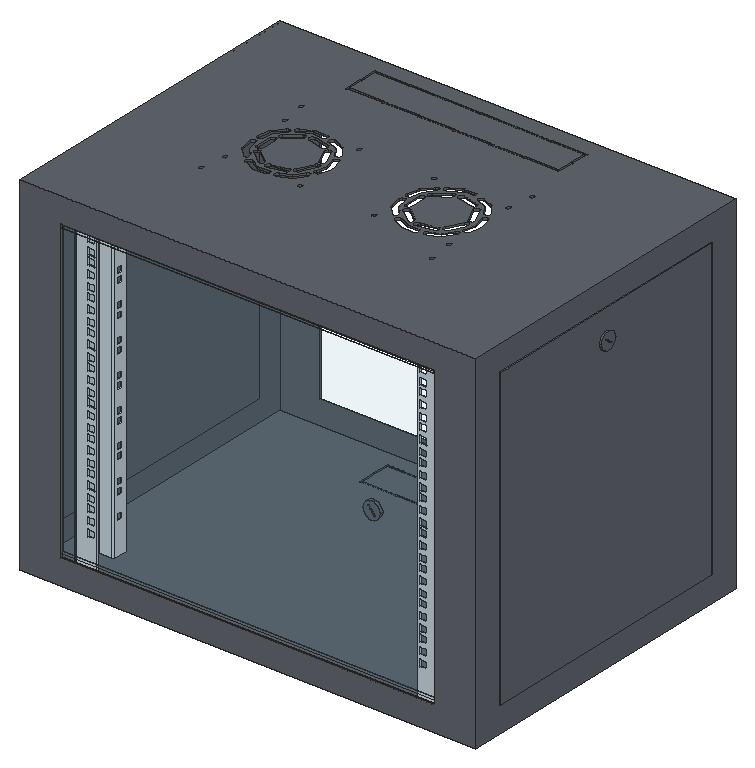
Revit family "Legrand Linkeo coffrets pivotants avec panneaux latéraux amovibles", category Equipement spécialisé, Revit 2020 (continued)
Dimensions and locks
  plane 61 "Panneaux droit" to plane 60 "Panneaux gauche" = 371.00 mm
  plane 63 to plane 5 = 77.00 mm
  locked: plane 5 to plane 64 at 77
  equal spacing: plane 60 "Panneaux gauche", plane 65, plane 61 "Panneaux droit"
  equal spacing: plane 60 "Panneaux gauche", plane 66, plane 61 "Panneaux droit"
  locked: plane 1 "Centre (avant/arrière)" to plane 67 at 225
  aligned and locked: level to plane 2
  aligned and locked: Extrusion 1 sketch curve to level
  aligned and locked: plane 6 to Extrusion 1 sketch curve
  aligned and locked: plane 5 to Extrusion 1 sketch curve
  aligned and locked: Extrusion 1 sketch curve to plane 1 "Centre (avant/arrière)"
  aligned and locked: Extrusion 1 to plane 4
  aligned and locked: Extrusion 1 to plane 3 "Centre (gauche/droite)"
  aligned and locked: cut or joined group 1 (Extrusion 1, Extrusion 2, Extrusion 3, Extrusion 5, Extrusion 6, Extrusion 7, Extrusion 36, Extrusion 52) to plane 13
  aligned and locked: Extrusion 3 sketch curve to plane 10
  aligned and locked: Extrusion 3 sketch curve to plane 7
  aligned and locked: plane 11 to Extrusion 3 sketch curve
  aligned and locked: plane 8 to Extrusion 3 sketch curve
  aligned and locked: Extrusion 1 to Extrusion 3
  aligned and locked: Extrusion 3 to plane 1 "Centre (avant/arrière)"
  aligned and locked: plane 7 to Extrusion 4 sketch curve
  aligned and locked: Extrusion 4 sketch curve to plane 8
  aligned and locked: plane 5 to Extrusion 6
  aligned and locked: Extrusion 6 to Extrusion 2
  aligned and locked: Extrusion 7 to level
  aligned and locked: plane 25 to plane 9
  aligned and locked: plane 20 to plane 12
  aligned and locked: plane 27 to Extrusion 8 sketch curve
  aligned and locked: Extrusion 8 sketch curve to plane 26
  aligned and locked: Extrusion 8 sketch curve to plane 30
  aligned and locked: Extrusion 8 sketch curve to plane 32
  aligned and locked: Extrusion 8 sketch curve to plane 34
  aligned and locked: Extrusion 8 sketch curve to plane 35
  aligned and locked: plane 33 to Extrusion 8 sketch curve
  aligned and locked: plane 31 to Extrusion 8 sketch curve
  aligned and locked: Extrusion 8 sketch curve to plane 29
  aligned and locked: plane 28 to Extrusion 8 sketch curve
  aligned and locked: cut or joined group 1 to Extrusion 8
  aligned and locked: Extrusion 8 to Extrusion 9
  aligned and locked: plane 28 to Extrusion 10
  aligned and locked: plane 46 to Extrusion 11 sketch curve
  aligned and locked: plane 49 to Extrusion 11 sketch curve
  aligned and locked: Extrusion 11 sketch curve to plane 51
  aligned and locked: Extrusion 11 sketch curve to plane 52
  aligned and locked: plane 50 to Extrusion 11 sketch curve
  aligned and locked: Extrusion 11 sketch curve to plane 48
  aligned and locked: Extrusion 11 sketch curve to plane 47
  aligned and locked: cut or joined group 1 to Extrusion 11
  aligned and locked: Extrusion 36 to plane 34
  aligned and locked: Extrusion 36 to plane 40
  aligned and locked: plane 41 to Extrusion 36
  aligned and locked: Extrusion 36 to plane 42
  aligned and locked: plane 43 to Extrusion 36
  aligned and locked: cut or joined group 2 (Extrusion 11, Extrusion 12, Extrusion 13, Extrusion 18, Extrusion 19, Extrusion 22, Extrusion 23, Extrusion 26, Extrusion 27, Extrusion 30, Extrusion 31, Extrusion 34, Extrusion 35, Extrusion 36, Extrusion 37, Extrusion 38, Extrusion 39, Extrusion 40, Extrusion 41, Extrusion 42, Extrusion 43, Extrusion 44, Extrusion 45, Extrusion 46, Extrusion 47, Extrusion 66, Extrusion 67, Extrusion 70, Extrusion 71, Extrusion 74, Extrusion 75, Extrusion 76, Extrusion 77, Extrusion 78, Extrusion 79, Extrusion 80, Extrusion 81) to Extrusion 37
  aligned and locked: cut or joined group 2 to Extrusion 36
  aligned and locked: Extrusion 48 to plane 55
  aligned and locked: plane 55 to plane 20
  aligned and locked: plane 56 to Extrusion 4
  aligned and locked: plane 6 to plane 56
  aligned and locked: plane 58 to Extrusion 52 sketch curve
  aligned and locked: Extrusion 52 sketch curve to plane 26
  aligned and locked: Extrusion 52 sketch curve to plane 54
  aligned and locked: plane 57 to Extrusion 52 sketch curve
  aligned and locked: Extrusion 52 to plane 4
  aligned and locked: plane 58 to Extrusion 53 sketch curve
  aligned and locked: Extrusion 53 sketch curve to plane 60 "Panneaux gauche"
  aligned and locked: Extrusion 53 sketch curve to plane 62 "Panneaux haut"
  aligned and locked: plane 61 "Panneaux droit" to Extrusion 53 sketch curve
  aligned and locked: plane 61 "Panneaux droit" to Extrusion 54
  aligned and locked: Extrusion 54 to plane 62 "Panneaux haut"
  aligned and locked: Extrusion 54 to plane 60 "Panneaux gauche"
  aligned and locked: cut or joined group 1 to Extrusion 54
  aligned and locked: plane 63 to curve 3
  aligned and locked: plane 4 to Extrusion 59
  aligned and locked: plane 64 to curve 4
  aligned and locked: plane 65 to curve 6
  aligned and locked: plane 66 to curve 3
  aligned and locked: plane 67 to curve 10
  aligned and locked: plane 5 to Extrusion 5
  aligned and locked: Extrusion 5 to Extrusion 2
Automatic sketch dimensions
  Extrusion 9 sketch curve to Extrusion 9 sketch curve = 0.00 mm
  Extrusion 9 sketch curve to Extrusion 9 sketch curve = 9.50 mm  (x4)
  Extrusion 9 sketch curve to Extrusion 9 sketch curve = 22.25 mm
  Extrusion 10 sketch curve to Extrusion 10 sketch curve = 9.50 mm  (x2)
  Extrusion 12 sketch curve to Extrusion 12 sketch curve = 0.00 mm
  Extrusion 12 sketch curve to Extrusion 12 sketch curve = 9.50 mm  (x4)
  Extrusion 12 sketch curve to Extrusion 12 sketch curve = 22.25 mm
  Extrusion 13 sketch curve to Extrusion 13 sketch curve = 9.50 mm  (x2)
  Extrusion 14 sketch curve to Extrusion 14 sketch curve = 0.00 mm
  Extrusion 14 sketch curve to Extrusion 14 sketch curve = 9.50 mm  (x4)
  Extrusion 14 sketch curve to Extrusion 14 sketch curve = 22.25 mm
  Extrusion 15 sketch curve to Extrusion 15 sketch curve = 9.50 mm  (x2)
  Extrusion 16 sketch curve to Extrusion 16 sketch curve = 0.00 mm
  Extrusion 16 sketch curve to Extrusion 16 sketch curve = 9.50 mm  (x4)
  Extrusion 16 sketch curve to Extrusion 16 sketch curve = 22.25 mm
  Extrusion 17 sketch curve to Extrusion 17 sketch curve = 9.50 mm  (x2)
  Extrusion 18 sketch curve to Extrusion 18 sketch curve = 0.00 mm
  Extrusion 18 sketch curve to Extrusion 18 sketch curve = 9.50 mm  (x4)
  Extrusion 18 sketch curve to Extrusion 18 sketch curve = 22.25 mm
  Extrusion 19 sketch curve to Extrusion 19 sketch curve = 9.50 mm  (x2)
  Extrusion 20 sketch curve to Extrusion 20 sketch curve = 0.00 mm
  Extrusion 20 sketch curve to Extrusion 20 sketch curve = 9.50 mm  (x4)
  Extrusion 20 sketch curve to Extrusion 20 sketch curve = 22.25 mm
  Extrusion 21 sketch curve to Extrusion 21 sketch curve = 9.50 mm  (x2)
  Extrusion 22 sketch curve to Extrusion 22 sketch curve = 0.00 mm
  Extrusion 22 sketch curve to Extrusion 22 sketch curve = 9.50 mm  (x4)
  Extrusion 22 sketch curve to Extrusion 22 sketch curve = 22.25 mm
  Extrusion 23 sketch curve to Extrusion 23 sketch curve = 9.50 mm  (x2)
  Extrusion 24 sketch curve to Extrusion 24 sketch curve = 0.00 mm
  Extrusion 24 sketch curve to Extrusion 24 sketch curve = 9.50 mm  (x4)
  Extrusion 24 sketch curve to Extrusion 24 sketch curve = 22.25 mm
  Extrusion 25 sketch curve to Extrusion 25 sketch curve = 9.50 mm  (x2)
  Extrusion 26 sketch curve to Extrusion 26 sketch curve = 0.00 mm
  Extrusion 26 sketch curve to Extrusion 26 sketch curve = 9.50 mm  (x4)
  Extrusion 26 sketch curve to Extrusion 26 sketch curve = 22.25 mm
  Extrusion 27 sketch curve to Extrusion 27 sketch curve = 9.50 mm  (x2)
  Extrusion 28 sketch curve to Extrusion 28 sketch curve = 0.00 mm
  Extrusion 28 sketch curve to Extrusion 28 sketch curve = 9.50 mm  (x4)
  Extrusion 28 sketch curve to Extrusion 28 sketch curve = 22.25 mm
  Extrusion 29 sketch curve to Extrusion 29 sketch curve = 9.50 mm  (x2)
  Extrusion 30 sketch curve to Extrusion 30 sketch curve = 0.00 mm
  Extrusion 30 sketch curve to Extrusion 30 sketch curve = 9.50 mm  (x4)
  Extrusion 30 sketch curve to Extrusion 30 sketch curve = 22.25 mm
  Extrusion 31 sketch curve to Extrusion 31 sketch curve = 9.50 mm  (x2)
  Extrusion 32 sketch curve to Extrusion 32 sketch curve = 0.00 mm
  Extrusion 32 sketch curve to Extrusion 32 sketch curve = 9.50 mm  (x4)
  Extrusion 32 sketch curve to Extrusion 32 sketch curve = 22.25 mm
  Extrusion 33 sketch curve to Extrusion 33 sketch curve = 9.50 mm  (x2)
  Extrusion 34 sketch curve to Extrusion 34 sketch curve = 0.00 mm
  Extrusion 34 sketch curve to Extrusion 34 sketch curve = 9.50 mm  (x4)
  Extrusion 34 sketch curve to Extrusion 34 sketch curve = 22.25 mm
  Extrusion 35 sketch curve to Extrusion 35 sketch curve = 9.50 mm  (x2)
  Extrusion 36 sketch curve to Extrusion 36 sketch curve = 9.50 mm  (x2)
  Extrusion 37 sketch curve to Extrusion 37 sketch curve = 9.50 mm  (x2)
  Extrusion 38 sketch curve to Extrusion 38 sketch curve = 9.50 mm  (x2)
  Extrusion 39 sketch curve to Extrusion 39 sketch curve = 9.50 mm  (x2)
  Extrusion 40 sketch curve to Extrusion 40 sketch curve = 9.50 mm  (x2)
  Extrusion 41 sketch curve to Extrusion 41 sketch curve = 9.50 mm  (x2)
  Extrusion 42 sketch curve to Extrusion 42 sketch curve = 9.50 mm  (x2)
  Extrusion 43 sketch curve to Extrusion 43 sketch curve = 9.50 mm  (x2)
  Extrusion 44 sketch curve to Extrusion 44 sketch curve = 9.50 mm  (x2)
  Extrusion 45 sketch curve to Extrusion 45 sketch curve = 9.50 mm  (x2)
  Extrusion 46 sketch curve to Extrusion 46 sketch curve = 9.50 mm  (x2)
  Extrusion 47 sketch curve to Extrusion 47 sketch curve = 9.50 mm  (x2)
  Extrusion 49 sketch curve to Extrusion 49 sketch curve = 1.933 mm  (x2)
  Extrusion 49 sketch curve to Extrusion 49 sketch curve = 10.607 mm
  Extrusion 51 sketch curve to Extrusion 51 sketch curve = 1.933 mm  (x2)
  Extrusion 51 sketch curve to Extrusion 51 sketch curve = 10.607 mm
  curve 1 to plane 12 = 0.00 mm
  plane 23 to curve 1 = 12.00 mm
  curve 1 to plane 23 = 12.00 mm
  Extrusion 56 sketch curve to Extrusion 56 sketch curve = 1.933 mm  (x2)
  Extrusion 56 sketch curve to Extrusion 56 sketch curve = 10.607 mm
  curve 2 to curve 2 = 12.00 mm
  Extrusion 58 sketch curve to Extrusion 58 sketch curve = 1.933 mm  (x2)
  Extrusion 58 sketch curve to Extrusion 58 sketch curve = 10.607 mm
  curve 3 to curve 3 = 12.00 mm
  Extrusion 60 sketch curve to Extrusion 60 sketch curve = 1.933 mm  (x2)
  Extrusion 60 sketch curve to Extrusion 60 sketch curve = 10.607 mm
  curve 4 to curve 4 = 12.00 mm
  Extrusion 1 to Extrusion 6 sketch curve = 24.00 mm  (x3)
  Extrusion 1 to Extrusion 6 sketch curve = 152.50 mm
  Extrusion 6 sketch curve to Extrusion 6 sketch curve = 0.00 mm  (x17)
  Extrusion 6 sketch curve to Extrusion 6 sketch curve = 3.00 mm  (x11)
  Extrusion 6 sketch curve to Extrusion 6 sketch curve = 46.25 mm  (x3)
  Extrusion 6 sketch curve to Extrusion 6 sketch curve = 1.50 mm  (x12)
  Extrusion 6 sketch curve to Extrusion 6 sketch curve = 48.50 mm  (x4)
  Extrusion 1 to Extrusion 6 sketch curve = 27.00 mm
  Extrusion 6 sketch curve to Extrusion 6 sketch curve = 21.25 mm  (x2)
  Extrusion 6 sketch curve to Extrusion 6 sketch curve = 44.00 mm  (x2)
  plane 57 to Extrusion 7 sketch curve = 16.00 mm  (x2)
  plane 24 to Extrusion 7 sketch curve = 50.00 mm
  Extrusion 7 sketch curve to Extrusion 7 sketch curve = 0.00 mm  (x17)
  Extrusion 7 sketch curve to Extrusion 7 sketch curve = 3.00 mm  (x8)
  plane 57 to Extrusion 7 sketch curve = 13.00 mm  (x4)
  Extrusion 7 sketch curve to Extrusion 7 sketch curve = 46.25 mm  (x3)
  Extrusion 7 sketch curve to Extrusion 7 sketch curve = 1.50 mm  (x10)
  Extrusion 7 sketch curve to Extrusion 7 sketch curve = 48.50 mm  (x3)
  Extrusion 7 sketch curve to plane 9 = 0.75 mm  (x2)
  plane 9 to Extrusion 7 sketch curve = 0.75 mm  (x2)
  Extrusion 7 sketch curve to plane 61 "Panneaux droit" = 4.75 mm
  Extrusion 7 sketch curve to plane 61 "Panneaux droit" = 6.25 mm
  Extrusion 7 sketch curve to plane 61 "Panneaux droit" = 27.50 mm  (x2)
  Extrusion 8 sketch curve to Extrusion 8 sketch curve = 0.00 mm  (x6)
  Extrusion 8 sketch curve to Extrusion 8 sketch curve = 1.50 mm  (x3)
  Extrusion 11 sketch curve to Extrusion 11 sketch curve = 0.00 mm  (x6)
  Extrusion 11 sketch curve to Extrusion 11 sketch curve = 1.50 mm  (x2)
  Extrusion 11 sketch curve to Extrusion 11 sketch curve = 30.00 mm
  Extrusion 11 sketch curve to Extrusion 11 sketch curve = 17.50 mm
  Extrusion 54 sketch curve to plane 60 "Panneaux gauche" = 0.00 mm
  plane 62 "Panneaux haut" to Extrusion 54 sketch curve = 0.00 mm
  plane 58 to Extrusion 54 sketch curve = 0.00 mm
  Extrusion 54 sketch curve to plane 61 "Panneaux droit" = 0.00 mm
  Extrusion 62 sketch curve to Extrusion 62 sketch curve = 1.933 mm  (x2)
  Extrusion 62 sketch curve to Extrusion 62 sketch curve = 10.607 mm
  curve 6 to curve 6 = 12.00 mm
  curve 7 to curve 7 = 12.00 mm
  curve 8 to curve 8 = 12.00 mm
  curve 9 to curve 9 = 12.00 mm
  curve 10 to curve 10 = 45.00 mm
  curve 11 to curve 11 = 45.00 mm
  Extrusion 5 sketch curve to Extrusion 5 sketch curve = 0.00 mm  (x120)
  Extrusion 5 sketch curve to Extrusion 5 sketch curve = 0.762 mm
  Extrusion 5 sketch curve to Extrusion 5 sketch curve = 0.023 mm
  Extrusion 5 sketch curve to Extrusion 5 sketch curve = 4.116 mm  (x2)
  Extrusion 5 sketch curve to Extrusion 5 sketch curve = 4.13 mm
  Extrusion 5 sketch curve to Extrusion 5 sketch curve = 5.00 mm
  Extrusion 5 sketch curve to Extrusion 5 sketch curve = 0.108 mm
  Extrusion 5 sketch curve to Extrusion 5 sketch curve = 4.413 mm
  Extrusion 5 sketch curve to Extrusion 5 sketch curve = 4.114 mm
  Extrusion 5 sketch curve to Extrusion 5 sketch curve = 4.40 mm  (x2)
  Extrusion 5 sketch curve to Extrusion 5 sketch curve = 4.094 mm  (x2)
  Extrusion 5 sketch curve to Extrusion 5 sketch curve = 2.16 mm
  Extrusion 5 sketch curve to Extrusion 5 sketch curve = 3.397 mm  (x3)
  Extrusion 5 sketch curve to Extrusion 5 sketch curve = 1.819 mm
  Extrusion 5 sketch curve to Extrusion 5 sketch curve = 6.141 mm  (x2)
  Extrusion 5 sketch curve to Extrusion 5 sketch curve = 6.001 mm
  Extrusion 5 sketch curve to Extrusion 5 sketch curve = 3.835 mm
  Extrusion 5 sketch curve to Extrusion 5 sketch curve = 9.917 mm
  Extrusion 5 sketch curve to Extrusion 5 sketch curve = 3.82 mm  (x3)
  Extrusion 5 sketch curve to Extrusion 5 sketch curve = 1.732 mm
  Extrusion 5 sketch curve to Extrusion 5 sketch curve = 9.679 mm
  Extrusion 5 sketch curve to Extrusion 5 sketch curve = 1.665 mm  (x3)
  Extrusion 5 sketch curve to Extrusion 5 sketch curve = 2.774 mm  (x2)
  Extrusion 5 sketch curve to Extrusion 5 sketch curve = 2.712 mm  (x2)
  Extrusion 5 sketch curve to Extrusion 5 sketch curve = 10.829 mm
  Extrusion 5 sketch curve to Extrusion 5 sketch curve = 1.693 mm
  Extrusion 5 sketch curve to Extrusion 5 sketch curve = 3.832 mm
  Extrusion 5 sketch curve to Extrusion 5 sketch curve = 9.752 mm  (x2)
  Extrusion 5 sketch curve to Extrusion 5 sketch curve = 9.79 mm
  Extrusion 5 sketch curve to Extrusion 5 sketch curve = 0.927 mm  (x2)
  Extrusion 5 sketch curve to Extrusion 5 sketch curve = 0.956 mm
  Extrusion 5 sketch curve to Extrusion 5 sketch curve = 2.537 mm  (x2)
  Extrusion 5 sketch curve to Extrusion 5 sketch curve = 2.679 mm
  Extrusion 5 sketch curve to Extrusion 5 sketch curve = 1.73 mm  (x2)
  Extrusion 5 sketch curve to Extrusion 5 sketch curve = 1.661 mm
  Extrusion 5 sketch curve to Extrusion 5 sketch curve = 11.228 mm  (x2)
  Extrusion 5 sketch curve to Extrusion 5 sketch curve = 12.747 mm
  Extrusion 5 sketch curve to Extrusion 5 sketch curve = 0.068 mm
  Extrusion 5 sketch curve to Extrusion 5 sketch curve = 0.071 mm
  Extrusion 5 sketch curve to Extrusion 5 sketch curve = 0.193 mm  (x2)
  Extrusion 5 sketch curve to Extrusion 5 sketch curve = 6.551 mm  (x2)
  Extrusion 5 sketch curve to Extrusion 5 sketch curve = 0.934 mm  (x2)
  Extrusion 5 sketch curve to Extrusion 5 sketch curve = 7.601 mm
  Extrusion 5 sketch curve to Extrusion 5 sketch curve = 0.929 mm  (x2)
  Extrusion 5 sketch curve to Extrusion 5 sketch curve = 9.29 mm
  Extrusion 5 sketch curve to Extrusion 5 sketch curve = 8.798 mm  (x2)
  Extrusion 5 sketch curve to Extrusion 5 sketch curve = 0.739 mm  (x2)
  Extrusion 5 sketch curve to Extrusion 5 sketch curve = 7.749 mm  (x2)
  Extrusion 5 sketch curve to Extrusion 5 sketch curve = 0.201 mm  (x2)
  Extrusion 5 sketch curve to Extrusion 5 sketch curve = 7.182 mm
  Extrusion 5 sketch curve to Extrusion 5 sketch curve = 2.017 mm
  Extrusion 5 sketch curve to Extrusion 5 sketch curve = 2.659 mm  (x3)
  Extrusion 5 sketch curve to Extrusion 5 sketch curve = 11.278 mm
  Extrusion 5 sketch curve to Extrusion 5 sketch curve = 2.638 mm  (x6)
  Extrusion 5 sketch curve to Extrusion 5 sketch curve = 7.453 mm
  Extrusion 5 sketch curve to Extrusion 5 sketch curve = 7.509 mm  (x2)
  Extrusion 5 sketch curve to Extrusion 5 sketch curve = 1.957 mm  (x2)
  Extrusion 5 sketch curve to Extrusion 5 sketch curve = 2.02 mm  (x3)
  Extrusion 5 sketch curve to Extrusion 5 sketch curve = 2.023 mm
  Extrusion 5 sketch curve to Extrusion 5 sketch curve = 7.608 mm  (x2)
  Extrusion 5 sketch curve to Extrusion 5 sketch curve = 7.784 mm
  Extrusion 5 sketch curve to Extrusion 5 sketch curve = 0.664 mm  (x2)
  Extrusion 5 sketch curve to Extrusion 5 sketch curve = 1.373 mm
  Extrusion 5 sketch curve to Extrusion 5 sketch curve = 1.477 mm
  Extrusion 5 sketch curve to Extrusion 5 sketch curve = 2.658 mm  (x2)
  Extrusion 5 sketch curve to Extrusion 5 sketch curve = 2.635 mm  (x2)
  Extrusion 5 sketch curve to Extrusion 5 sketch curve = 3.199 mm
  Extrusion 5 sketch curve to Extrusion 5 sketch curve = 3.244 mm
  Extrusion 5 sketch curve to Extrusion 5 sketch curve = 4.25 mm  (x8)
  Extrusion 5 sketch curve to Extrusion 5 sketch curve = 5.15 mm  (x2)
  Extrusion 5 sketch curve to Extrusion 5 sketch curve = 3.196 mm  (x3)
  Extrusion 5 sketch curve to Extrusion 5 sketch curve = 3.248 mm
  Extrusion 5 sketch curve to Extrusion 5 sketch curve = 2.099 mm
  Extrusion 5 sketch curve to Extrusion 5 sketch curve = 8.755 mm  (x2)
  Extrusion 5 sketch curve to Extrusion 5 sketch curve = 3.947 mm  (x2)
  Extrusion 5 sketch curve to Extrusion 5 sketch curve = 3.981 mm  (x2)
  Extrusion 5 sketch curve to Extrusion 5 sketch curve = 9.129 mm
  Extrusion 5 sketch curve to Extrusion 5 sketch curve = 3.194 mm
  Extrusion 5 sketch curve to Extrusion 5 sketch curve = 9.259 mm
  Extrusion 5 sketch curve to Extrusion 5 sketch curve = 0.974 mm  (x2)
  Extrusion 5 sketch curve to Extrusion 5 sketch curve = 4.183 mm  (x3)
  Extrusion 5 sketch curve to Extrusion 5 sketch curve = 12.801 mm
  Extrusion 5 sketch curve to Extrusion 5 sketch curve = 12.446 mm
  Extrusion 5 sketch curve to Extrusion 5 sketch curve = 98.699 mm
  Extrusion 5 sketch curve to Extrusion 5 sketch curve = 0.02 mm
  Extrusion 5 sketch curve to Extrusion 5 sketch curve = 4.096 mm
  Extrusion 5 sketch curve to Extrusion 5 sketch curve = 4.128 mm
  Extrusion 5 sketch curve to Extrusion 5 sketch curve = 0.11 mm
  Extrusion 5 sketch curve to Extrusion 5 sketch curve = 4.218 mm
  Extrusion 5 sketch curve to Extrusion 5 sketch curve = 4.415 mm
  Extrusion 5 sketch curve to Extrusion 5 sketch curve = 4.115 mm  (x2)
  Extrusion 5 sketch curve to Extrusion 5 sketch curve = 2.162 mm
  Extrusion 5 sketch curve to Extrusion 5 sketch curve = 3.395 mm
  Extrusion 5 sketch curve to Extrusion 5 sketch curve = 5.935 mm
  Extrusion 5 sketch curve to Extrusion 5 sketch curve = 3.442 mm  (x5)
  Extrusion 5 sketch curve to Extrusion 5 sketch curve = 9.844 mm
  Extrusion 5 sketch curve to Extrusion 5 sketch curve = 3.834 mm
  Extrusion 5 sketch curve to Extrusion 5 sketch curve = 6.233 mm
  Extrusion 5 sketch curve to Extrusion 5 sketch curve = 3.838 mm
  Extrusion 5 sketch curve to Extrusion 5 sketch curve = 11.649 mm
  Extrusion 5 sketch curve to Extrusion 5 sketch curve = 3.445 mm
  Extrusion 5 sketch curve to Extrusion 5 sketch curve = 1.663 mm
  Extrusion 5 sketch curve to Extrusion 5 sketch curve = 6.879 mm
  Extrusion 5 sketch curve to Extrusion 5 sketch curve = 1.596 mm
  Extrusion 5 sketch curve to Extrusion 5 sketch curve = 3.825 mm
  Extrusion 5 sketch curve to Extrusion 5 sketch curve = 9.789 mm
  Extrusion 5 sketch curve to Extrusion 5 sketch curve = 0.957 mm
  Extrusion 5 sketch curve to Extrusion 5 sketch curve = 2.681 mm
  Extrusion 5 sketch curve to Extrusion 5 sketch curve = 1.662 mm
  Extrusion 5 sketch curve to Extrusion 5 sketch curve = 12.746 mm
  Extrusion 5 sketch curve to Extrusion 5 sketch curve = 0.119 mm
  Extrusion 5 sketch curve to Extrusion 5 sketch curve = 0.121 mm
  Extrusion 5 sketch curve to Extrusion 5 sketch curve = 7.502 mm
  Extrusion 5 sketch curve to Extrusion 5 sketch curve = 7.853 mm
  Extrusion 5 sketch curve to Extrusion 5 sketch curve = 1.018 mm
  Extrusion 5 sketch curve to Extrusion 5 sketch curve = 3.425 mm
  Extrusion 5 sketch curve to Extrusion 5 sketch curve = 10.093 mm
  Extrusion 5 sketch curve to Extrusion 5 sketch curve = 2.018 mm
  Extrusion 5 sketch curve to Extrusion 5 sketch curve = 7.782 mm
  Extrusion 5 sketch curve to Extrusion 5 sketch curve = 2.656 mm
  Extrusion 5 sketch curve to Extrusion 5 sketch curve = 1.916 mm
  Extrusion 5 sketch curve to Extrusion 5 sketch curve = 2.086 mm
  Extrusion 5 sketch curve to Extrusion 5 sketch curve = 3.246 mm  (x3)
  Extrusion 5 sketch curve to Extrusion 5 sketch curve = 8.844 mm
  Extrusion 5 sketch curve to Extrusion 5 sketch curve = 4.946 mm
  Extrusion 5 sketch curve to Extrusion 5 sketch curve = 9.339 mm
  Extrusion 5 sketch curve to Extrusion 5 sketch curve = 4.182 mm  (x2)
  Extrusion 5 sketch curve to Extrusion 5 sketch curve = 3.193 mm
  Extrusion 5 sketch curve to Extrusion 5 sketch curve = 4.17 mm  (x2)
  Extrusion 5 sketch curve to Extrusion 5 sketch curve = 12.448 mm
  Extrusion 5 sketch curve to Extrusion 5 sketch curve = 16.00 mm
  Extrusion 5 sketch curve to Extrusion 5 sketch curve = 4.998 mm  (x2)
  Extrusion 5 sketch curve to Extrusion 5 sketch curve = 32.934 mm  (x2)
  Extrusion 5 sketch curve to Extrusion 5 sketch curve = 0.039 mm  (x3)
  Extrusion 5 sketch curve to Extrusion 5 sketch curve = 0.04 mm
  Extrusion 5 sketch curve to Extrusion 5 sketch curve = 2.498 mm
  Extrusion 5 sketch curve to Extrusion 5 sketch curve = 35.498 mm
  Extrusion 5 sketch curve to Extrusion 5 sketch curve = 2.525 mm
  Extrusion 5 sketch curve to Extrusion 5 sketch curve = 2.566 mm
  Extrusion 5 sketch curve to Extrusion 5 sketch curve = 35.50 mm  (x2)
  Extrusion 5 sketch curve to Extrusion 5 sketch curve = 3.741 mm  (x2)
  Extrusion 5 sketch curve to Extrusion 5 sketch curve = 3.74 mm
  Extrusion 5 sketch curve to Extrusion 5 sketch curve = 4.248 mm
  Extrusion 5 sketch curve to Extrusion 5 sketch curve = 0.951 mm
  Extrusion 5 sketch curve to Extrusion 5 sketch curve = 2.405 mm
  Extrusion 5 sketch curve to Extrusion 5 sketch curve = 1.097 mm
  Extrusion 5 sketch curve to Extrusion 5 sketch curve = 7.843 mm
  Extrusion 5 sketch curve to Extrusion 5 sketch curve = 4.281 mm
  Extrusion 5 sketch curve to Extrusion 5 sketch curve = 2.551 mm
  Extrusion 5 sketch curve to Extrusion 5 sketch curve = 2.552 mm
  Extrusion 5 sketch curve to Extrusion 5 sketch curve = 1.356 mm
  Extrusion 5 sketch curve to Extrusion 5 sketch curve = 3.912 mm  (x2)
  Extrusion 5 sketch curve to Extrusion 5 sketch curve = 3.738 mm
  Extrusion 5 sketch curve to Extrusion 5 sketch curve = 3.56 mm
  Extrusion 5 sketch curve to Extrusion 5 sketch curve = 3.911 mm
  Extrusion 5 sketch curve to Extrusion 5 sketch curve = 0.382 mm
  Extrusion 5 sketch curve to Extrusion 5 sketch curve = 7.868 mm
  Extrusion 5 sketch curve to Extrusion 5 sketch curve = 11.634 mm
  Extrusion 5 sketch curve to Extrusion 5 sketch curve = 5.35 mm
  Extrusion 5 sketch curve to Extrusion 5 sketch curve = 5.352 mm
  Extrusion 5 sketch curve to Extrusion 5 sketch curve = 3.464 mm  (x2)
  Extrusion 5 sketch curve to Extrusion 5 sketch curve = 6.063 mm
  Extrusion 5 sketch curve to Extrusion 5 sketch curve = 6.064 mm
  Extrusion 5 sketch curve to Extrusion 5 sketch curve = 3.332 mm  (x2)
  Extrusion 5 sketch curve to Extrusion 5 sketch curve = 3.713 mm
  Extrusion 5 sketch curve to Extrusion 5 sketch curve = 2.743 mm  (x2)
  Extrusion 5 sketch curve to Extrusion 5 sketch curve = 2.741 mm
  Extrusion 5 sketch curve to Extrusion 5 sketch curve = 4.141 mm  (x2)
  Extrusion 5 sketch curve to Extrusion 5 sketch curve = 10.631 mm
  Extrusion 5 sketch curve to Extrusion 5 sketch curve = 13.187 mm
  Extrusion 5 sketch curve to Extrusion 5 sketch curve = 2.556 mm
  Extrusion 5 sketch curve to Extrusion 5 sketch curve = 2.554 mm
  Extrusion 5 sketch curve to Extrusion 5 sketch curve = 0.959 mm
  Extrusion 5 sketch curve to Extrusion 5 sketch curve = 11.318 mm
  Extrusion 5 sketch curve to Extrusion 5 sketch curve = 7.433 mm
  Extrusion 5 sketch curve to Extrusion 5 sketch curve = 10.179 mm
  Extrusion 5 sketch curve to Extrusion 5 sketch curve = 1.837 mm
  Extrusion 5 sketch curve to Extrusion 5 sketch curve = 1.674 mm
  Extrusion 5 sketch curve to Extrusion 5 sketch curve = 0.749 mm
  Extrusion 5 sketch curve to Extrusion 5 sketch curve = 2.423 mm
  Extrusion 5 sketch curve to Extrusion 5 sketch curve = 3.335 mm  (x2)
  Extrusion 5 sketch curve to Extrusion 5 sketch curve = 1.873 mm  (x2)
  Extrusion 5 sketch curve to Extrusion 5 sketch curve = 10.88 mm
  Extrusion 5 sketch curve to Extrusion 5 sketch curve = 10.883 mm
  Extrusion 5 sketch curve to Extrusion 5 sketch curve = 1.142 mm
  Extrusion 5 sketch curve to Extrusion 5 sketch curve = 1.14 mm
  Extrusion 5 sketch curve to Extrusion 5 sketch curve = 9.533 mm
  Extrusion 5 sketch curve to Extrusion 5 sketch curve = 9.534 mm
  Extrusion 5 sketch curve to Extrusion 5 sketch curve = 0.011 mm
  Extrusion 5 sketch curve to Extrusion 5 sketch curve = 0.01 mm
  Extrusion 5 sketch curve to Extrusion 5 sketch curve = 8.315 mm
  Extrusion 5 sketch curve to Extrusion 5 sketch curve = 8.317 mm
  Extrusion 5 sketch curve to Extrusion 5 sketch curve = 4.075 mm  (x2)
  Extrusion 5 sketch curve to Extrusion 5 sketch curve = 4.082 mm
  Extrusion 5 sketch curve to Extrusion 5 sketch curve = 0.758 mm
  Extrusion 5 sketch curve to Extrusion 5 sketch curve = 0.75 mm
  Extrusion 5 sketch curve to Extrusion 5 sketch curve = 1.832 mm
  Extrusion 5 sketch curve to Extrusion 5 sketch curve = 1.833 mm
  Extrusion 5 sketch curve to Extrusion 5 sketch curve = 6.438 mm
  Extrusion 5 sketch curve to Extrusion 5 sketch curve = 6.449 mm
  Extrusion 5 sketch curve to Extrusion 5 sketch curve = 1.144 mm
  Extrusion 5 sketch curve to Extrusion 5 sketch curve = 1.135 mm
  Extrusion 5 sketch curve to Extrusion 5 sketch curve = 9.734 mm
  Extrusion 5 sketch curve to Extrusion 5 sketch curve = 1.864 mm
  Extrusion 5 sketch curve to Extrusion 5 sketch curve = 9.773 mm
  Extrusion 5 sketch curve to Extrusion 5 sketch curve = 11.668 mm
  Extrusion 5 sketch curve to Extrusion 5 sketch curve = 13.243 mm
  Extrusion 5 sketch curve to Extrusion 5 sketch curve = 0.82 mm
  Extrusion 5 sketch curve to Extrusion 5 sketch curve = 4.72 mm
  Extrusion 5 sketch curve to Extrusion 5 sketch curve = 5.555 mm
  Extrusion 5 sketch curve to Extrusion 5 sketch curve = 0.015 mm  (x2)
  Extrusion 5 sketch curve to Extrusion 5 sketch curve = 9.069 mm
  Extrusion 5 sketch curve to Extrusion 5 sketch curve = 1.059 mm
  Extrusion 5 sketch curve to Extrusion 5 sketch curve = 10.127 mm
  Extrusion 5 sketch curve to Extrusion 5 sketch curve = 1.063 mm
  Extrusion 5 sketch curve to Extrusion 5 sketch curve = 9.504 mm
  Extrusion 5 sketch curve to Extrusion 5 sketch curve = 9.519 mm
  Extrusion 5 sketch curve to Extrusion 5 sketch curve = 0.888 mm  (x2)
  Extrusion 5 sketch curve to Extrusion 5 sketch curve = 1.945 mm  (x2)
  Extrusion 5 sketch curve to Extrusion 5 sketch curve = 0.83 mm
  Extrusion 5 sketch curve to Extrusion 5 sketch curve = 0.835 mm
  Extrusion 5 sketch curve to Extrusion 5 sketch curve = 9.576 mm
  Extrusion 5 sketch curve to Extrusion 5 sketch curve = 18.645 mm
  Extrusion 5 sketch curve to Extrusion 5 sketch curve = 3.316 mm  (x3)
  Extrusion 5 sketch curve to Extrusion 5 sketch curve = 3.318 mm
  Extrusion 5 sketch curve to Extrusion 5 sketch curve = 9.348 mm
  Extrusion 5 sketch curve to Extrusion 5 sketch curve = 1.863 mm
  Extrusion 5 sketch curve to Extrusion 5 sketch curve = 1.862 mm
  Extrusion 5 sketch curve to Extrusion 5 sketch curve = 2.493 mm  (x3)
  Extrusion 5 sketch curve to Extrusion 5 sketch curve = 12.899 mm
  Extrusion 5 sketch curve to Extrusion 5 sketch curve = 7.351 mm
  Extrusion 5 sketch curve to Extrusion 5 sketch curve = 10.962 mm
  Extrusion 5 sketch curve to Extrusion 5 sketch curve = 0.294 mm
  Extrusion 5 sketch curve to Extrusion 5 sketch curve = 9.196 mm
  Extrusion 5 sketch curve to Extrusion 5 sketch curve = 9.197 mm
  Extrusion 5 sketch curve to Extrusion 5 sketch curve = 1.621 mm
  Extrusion 5 sketch curve to Extrusion 5 sketch curve = 1.622 mm
  Extrusion 5 sketch curve to Extrusion 5 sketch curve = 2.798 mm
  Extrusion 5 sketch curve to Extrusion 5 sketch curve = 10.148 mm
  Extrusion 5 sketch curve to Extrusion 5 sketch curve = 9.556 mm
  Extrusion 5 sketch curve to Extrusion 5 sketch curve = 4.148 mm  (x2)
  Extrusion 5 sketch curve to Extrusion 5 sketch curve = 4.147 mm  (x2)
  Extrusion 5 sketch curve to Extrusion 5 sketch curve = 0.521 mm  (x2)
  Extrusion 5 sketch curve to Extrusion 5 sketch curve = 3.415 mm  (x2)
  Extrusion 5 sketch curve to Extrusion 5 sketch curve = 2.489 mm
  Extrusion 5 sketch curve to Extrusion 5 sketch curve = 3.773 mm  (x2)
  Extrusion 5 sketch curve to Extrusion 5 sketch curve = 6.194 mm  (x2)
  Extrusion 5 sketch curve to Extrusion 5 sketch curve = 3.579 mm  (x2)
  Extrusion 5 sketch curve to Extrusion 5 sketch curve = 7.574 mm
  Extrusion 5 sketch curve to Extrusion 5 sketch curve = 7.575 mm
  Extrusion 5 sketch curve to Extrusion 5 sketch curve = 3.882 mm  (x2)
  Extrusion 5 sketch curve to Extrusion 5 sketch curve = 4.246 mm  (x2)
  Extrusion 5 sketch curve to Extrusion 5 sketch curve = 4.298 mm  (x2)
  Extrusion 5 sketch curve to Extrusion 5 sketch curve = 17.173 mm
  Extrusion 5 sketch curve to Extrusion 5 sketch curve = 8.927 mm
  Extrusion 5 sketch curve to Extrusion 5 sketch curve = 11.415 mm
  Extrusion 5 sketch curve to Extrusion 5 sketch curve = 14.373 mm
  Extrusion 5 sketch curve to Extrusion 5 sketch curve = 4.245 mm  (x2)
  Extrusion 5 sketch curve to Extrusion 5 sketch curve = 35.501 mm
  Extrusion 5 sketch curve to Extrusion 5 sketch curve = 4.095 mm  (x2)
  Extrusion 5 sketch curve to Extrusion 5 sketch curve = 3.823 mm  (x4)
  Extrusion 5 sketch curve to Extrusion 5 sketch curve = 1.708 mm
  Extrusion 5 sketch curve to Extrusion 5 sketch curve = 3.836 mm  (x4)
  Extrusion 5 sketch curve to Extrusion 5 sketch curve = 1.734 mm  (x3)
  Extrusion 5 sketch curve to Extrusion 5 sketch curve = 0.931 mm  (x2)
  Extrusion 5 sketch curve to Extrusion 5 sketch curve = 0.96 mm  (x6)
  Extrusion 5 sketch curve to Extrusion 5 sketch curve = 0.197 mm  (x2)
  Extrusion 5 sketch curve to Extrusion 5 sketch curve = 2.138 mm
  Extrusion 5 sketch curve to Extrusion 5 sketch curve = 2.153 mm  (x2)
  Extrusion 5 sketch curve to Extrusion 5 sketch curve = 1.952 mm  (x2)
  Extrusion 5 sketch curve to Extrusion 5 sketch curve = 2.661 mm  (x2)
  Extrusion 5 sketch curve to Extrusion 5 sketch curve = 4.169 mm  (x2)
  Extrusion 5 sketch curve to Extrusion 5 sketch curve = 0.937 mm  (x2)
  Extrusion 5 sketch curve to Extrusion 5 sketch curve = 1.711 mm
  Extrusion 5 sketch curve to Extrusion 5 sketch curve = 2.14 mm
  Extrusion 5 sketch curve to Extrusion 5 sketch curve = 4.14 mm  (x2)
  Extrusion 5 sketch curve to Extrusion 5 sketch curve = 1.831 mm
  Extrusion 5 sketch curve to Extrusion 5 sketch curve = 1.857 mm
  Extrusion 5 sketch curve to Extrusion 5 sketch curve = 0.828 mm
  Extrusion 5 sketch curve to Extrusion 5 sketch curve = 2.801 mm
  Extrusion 63 sketch curve to Extrusion 63 sketch curve = 0.00 mm  (x120)
  Extrusion 63 sketch curve to Extrusion 63 sketch curve = 0.762 mm
  Extrusion 63 sketch curve to Extrusion 63 sketch curve = 0.023 mm
  Extrusion 63 sketch curve to Extrusion 63 sketch curve = 4.116 mm  (x2)
  Extrusion 63 sketch curve to Extrusion 63 sketch curve = 4.13 mm
  Extrusion 63 sketch curve to Extrusion 63 sketch curve = 5.00 mm
  Extrusion 63 sketch curve to Extrusion 63 sketch curve = 0.108 mm
  Extrusion 63 sketch curve to Extrusion 63 sketch curve = 4.413 mm
  Extrusion 63 sketch curve to Extrusion 63 sketch curve = 4.114 mm
  Extrusion 63 sketch curve to Extrusion 63 sketch curve = 4.40 mm  (x2)
  Extrusion 63 sketch curve to Extrusion 63 sketch curve = 4.094 mm  (x2)
  Extrusion 63 sketch curve to Extrusion 63 sketch curve = 2.16 mm
  Extrusion 63 sketch curve to Extrusion 63 sketch curve = 3.397 mm  (x3)
  Extrusion 63 sketch curve to Extrusion 63 sketch curve = 1.819 mm
  Extrusion 63 sketch curve to Extrusion 63 sketch curve = 6.141 mm  (x2)
  Extrusion 63 sketch curve to Extrusion 63 sketch curve = 6.001 mm
  Extrusion 63 sketch curve to Extrusion 63 sketch curve = 3.835 mm
  Extrusion 63 sketch curve to Extrusion 63 sketch curve = 9.917 mm
  Extrusion 63 sketch curve to Extrusion 63 sketch curve = 3.82 mm  (x3)
  Extrusion 63 sketch curve to Extrusion 63 sketch curve = 1.732 mm
  Extrusion 63 sketch curve to Extrusion 63 sketch curve = 9.679 mm
  Extrusion 63 sketch curve to Extrusion 63 sketch curve = 1.665 mm  (x3)
  Extrusion 63 sketch curve to Extrusion 63 sketch curve = 2.774 mm  (x2)
  Extrusion 63 sketch curve to Extrusion 63 sketch curve = 2.712 mm  (x2)
  Extrusion 63 sketch curve to Extrusion 63 sketch curve = 10.829 mm
  Extrusion 63 sketch curve to Extrusion 63 sketch curve = 1.693 mm
  Extrusion 63 sketch curve to Extrusion 63 sketch curve = 3.832 mm
  Extrusion 63 sketch curve to Extrusion 63 sketch curve = 9.752 mm  (x2)
  Extrusion 63 sketch curve to Extrusion 63 sketch curve = 9.79 mm
  Extrusion 63 sketch curve to Extrusion 63 sketch curve = 0.927 mm  (x2)
  Extrusion 63 sketch curve to Extrusion 63 sketch curve = 0.956 mm
  Extrusion 63 sketch curve to Extrusion 63 sketch curve = 2.537 mm  (x2)
  Extrusion 63 sketch curve to Extrusion 63 sketch curve = 2.679 mm
  Extrusion 63 sketch curve to Extrusion 63 sketch curve = 1.73 mm  (x2)
  Extrusion 63 sketch curve to Extrusion 63 sketch curve = 1.661 mm
  Extrusion 63 sketch curve to Extrusion 63 sketch curve = 11.228 mm  (x2)
  Extrusion 63 sketch curve to Extrusion 63 sketch curve = 12.747 mm
  Extrusion 63 sketch curve to Extrusion 63 sketch curve = 0.068 mm
  Extrusion 63 sketch curve to Extrusion 63 sketch curve = 0.071 mm
  Extrusion 63 sketch curve to Extrusion 63 sketch curve = 0.193 mm  (x2)
  Extrusion 63 sketch curve to Extrusion 63 sketch curve = 6.551 mm  (x2)
  Extrusion 63 sketch curve to Extrusion 63 sketch curve = 0.934 mm  (x2)
  Extrusion 63 sketch curve to Extrusion 63 sketch curve = 7.601 mm
  Extrusion 63 sketch curve to Extrusion 63 sketch curve = 0.929 mm  (x2)
  Extrusion 63 sketch curve to Extrusion 63 sketch curve = 9.29 mm
  Extrusion 63 sketch curve to Extrusion 63 sketch curve = 8.798 mm  (x2)
  Extrusion 63 sketch curve to Extrusion 63 sketch curve = 0.739 mm  (x2)
  Extrusion 63 sketch curve to Extrusion 63 sketch curve = 7.749 mm  (x2)
  Extrusion 63 sketch curve to Extrusion 63 sketch curve = 0.201 mm  (x2)
  Extrusion 63 sketch curve to Extrusion 63 sketch curve = 7.182 mm
  Extrusion 63 sketch curve to Extrusion 63 sketch curve = 2.017 mm
  Extrusion 63 sketch curve to Extrusion 63 sketch curve = 2.659 mm  (x3)
  Extrusion 63 sketch curve to Extrusion 63 sketch curve = 11.278 mm
  Extrusion 63 sketch curve to Extrusion 63 sketch curve = 2.638 mm  (x6)
  Extrusion 63 sketch curve to Extrusion 63 sketch curve = 7.453 mm
  Extrusion 63 sketch curve to Extrusion 63 sketch curve = 7.509 mm  (x2)
  Extrusion 63 sketch curve to Extrusion 63 sketch curve = 1.957 mm  (x2)
  Extrusion 63 sketch curve to Extrusion 63 sketch curve = 2.02 mm  (x3)
  Extrusion 63 sketch curve to Extrusion 63 sketch curve = 2.023 mm
  Extrusion 63 sketch curve to Extrusion 63 sketch curve = 7.608 mm  (x2)
  Extrusion 63 sketch curve to Extrusion 63 sketch curve = 7.784 mm
  Extrusion 63 sketch curve to Extrusion 63 sketch curve = 0.664 mm  (x2)
  Extrusion 63 sketch curve to Extrusion 63 sketch curve = 1.373 mm
  Extrusion 63 sketch curve to Extrusion 63 sketch curve = 1.477 mm
  Extrusion 63 sketch curve to Extrusion 63 sketch curve = 2.658 mm  (x2)
  Extrusion 63 sketch curve to Extrusion 63 sketch curve = 2.635 mm  (x2)
  Extrusion 63 sketch curve to Extrusion 63 sketch curve = 3.199 mm
  Extrusion 63 sketch curve to Extrusion 63 sketch curve = 3.244 mm
  Extrusion 63 sketch curve to Extrusion 63 sketch curve = 4.25 mm  (x8)
  Extrusion 63 sketch curve to Extrusion 63 sketch curve = 5.15 mm  (x2)
  Extrusion 63 sketch curve to Extrusion 63 sketch curve = 3.196 mm  (x3)
  Extrusion 63 sketch curve to Extrusion 63 sketch curve = 3.248 mm
  Extrusion 63 sketch curve to Extrusion 63 sketch curve = 2.099 mm
  Extrusion 63 sketch curve to Extrusion 63 sketch curve = 8.755 mm  (x2)
  Extrusion 63 sketch curve to Extrusion 63 sketch curve = 3.947 mm  (x2)
  Extrusion 63 sketch curve to Extrusion 63 sketch curve = 3.981 mm  (x2)
  Extrusion 63 sketch curve to Extrusion 63 sketch curve = 9.129 mm
  Extrusion 63 sketch curve to Extrusion 63 sketch curve = 3.194 mm
  Extrusion 63 sketch curve to Extrusion 63 sketch curve = 9.259 mm
  Extrusion 63 sketch curve to Extrusion 63 sketch curve = 0.974 mm  (x2)
  Extrusion 63 sketch curve to Extrusion 63 sketch curve = 4.183 mm  (x3)
  Extrusion 63 sketch curve to Extrusion 63 sketch curve = 12.801 mm
  Extrusion 63 sketch curve to Extrusion 63 sketch curve = 12.446 mm
  Extrusion 63 sketch curve to Extrusion 63 sketch curve = 98.699 mm
  Extrusion 63 sketch curve to Extrusion 63 sketch curve = 0.02 mm
  Extrusion 63 sketch curve to Extrusion 63 sketch curve = 4.096 mm
  Extrusion 63 sketch curve to Extrusion 63 sketch curve = 4.128 mm
  Extrusion 63 sketch curve to Extrusion 63 sketch curve = 0.11 mm
  Extrusion 63 sketch curve to Extrusion 63 sketch curve = 4.218 mm
  Extrusion 63 sketch curve to Extrusion 63 sketch curve = 4.415 mm
  Extrusion 63 sketch curve to Extrusion 63 sketch curve = 4.115 mm  (x2)
  Extrusion 63 sketch curve to Extrusion 63 sketch curve = 2.162 mm
  Extrusion 63 sketch curve to Extrusion 63 sketch curve = 3.395 mm
  Extrusion 63 sketch curve to Extrusion 63 sketch curve = 5.935 mm
  Extrusion 63 sketch curve to Extrusion 63 sketch curve = 3.442 mm  (x5)
  Extrusion 63 sketch curve to Extrusion 63 sketch curve = 9.844 mm
  Extrusion 63 sketch curve to Extrusion 63 sketch curve = 3.834 mm
  Extrusion 63 sketch curve to Extrusion 63 sketch curve = 6.233 mm
  Extrusion 63 sketch curve to Extrusion 63 sketch curve = 3.838 mm
  Extrusion 63 sketch curve to Extrusion 63 sketch curve = 11.649 mm
  Extrusion 63 sketch curve to Extrusion 63 sketch curve = 3.445 mm
  Extrusion 63 sketch curve to Extrusion 63 sketch curve = 1.663 mm
  Extrusion 63 sketch curve to Extrusion 63 sketch curve = 6.879 mm
  Extrusion 63 sketch curve to Extrusion 63 sketch curve = 1.596 mm
  Extrusion 63 sketch curve to Extrusion 63 sketch curve = 3.825 mm
  Extrusion 63 sketch curve to Extrusion 63 sketch curve = 9.789 mm
  Extrusion 63 sketch curve to Extrusion 63 sketch curve = 0.957 mm
  Extrusion 63 sketch curve to Extrusion 63 sketch curve = 2.681 mm
  Extrusion 63 sketch curve to Extrusion 63 sketch curve = 1.662 mm
  Extrusion 63 sketch curve to Extrusion 63 sketch curve = 12.746 mm
  Extrusion 63 sketch curve to Extrusion 63 sketch curve = 0.119 mm
  Extrusion 63 sketch curve to Extrusion 63 sketch curve = 0.121 mm
  Extrusion 63 sketch curve to Extrusion 63 sketch curve = 7.502 mm
  Extrusion 63 sketch curve to Extrusion 63 sketch curve = 7.853 mm
  Extrusion 63 sketch curve to Extrusion 63 sketch curve = 1.018 mm
  Extrusion 63 sketch curve to Extrusion 63 sketch curve = 3.425 mm
  Extrusion 63 sketch curve to Extrusion 63 sketch curve = 10.093 mm
  Extrusion 63 sketch curve to Extrusion 63 sketch curve = 2.018 mm
  Extrusion 63 sketch curve to Extrusion 63 sketch curve = 7.782 mm
  Extrusion 63 sketch curve to Extrusion 63 sketch curve = 2.656 mm
  Extrusion 63 sketch curve to Extrusion 63 sketch curve = 1.916 mm
  Extrusion 63 sketch curve to Extrusion 63 sketch curve = 2.086 mm
  Extrusion 63 sketch curve to Extrusion 63 sketch curve = 3.246 mm  (x3)
  Extrusion 63 sketch curve to Extrusion 63 sketch curve = 8.844 mm
  Extrusion 63 sketch curve to Extrusion 63 sketch curve = 4.946 mm
  Extrusion 63 sketch curve to Extrusion 63 sketch curve = 9.339 mm
  Extrusion 63 sketch curve to Extrusion 63 sketch curve = 4.182 mm  (x2)
  Extrusion 63 sketch curve to Extrusion 63 sketch curve = 3.193 mm
  Extrusion 63 sketch curve to Extrusion 63 sketch curve = 4.17 mm  (x2)
  Extrusion 63 sketch curve to Extrusion 63 sketch curve = 12.448 mm
  Extrusion 63 sketch curve to Extrusion 63 sketch curve = 16.00 mm
  Extrusion 63 sketch curve to Extrusion 63 sketch curve = 4.998 mm  (x2)
  Extrusion 63 sketch curve to Extrusion 63 sketch curve = 32.934 mm  (x2)
  Extrusion 63 sketch curve to Extrusion 63 sketch curve = 0.039 mm  (x3)
  Extrusion 63 sketch curve to Extrusion 63 sketch curve = 0.04 mm
  Extrusion 63 sketch curve to Extrusion 63 sketch curve = 2.498 mm
  Extrusion 63 sketch curve to Extrusion 63 sketch curve = 35.498 mm
  Extrusion 63 sketch curve to Extrusion 63 sketch curve = 2.525 mm
  Extrusion 63 sketch curve to Extrusion 63 sketch curve = 2.566 mm
  Extrusion 63 sketch curve to Extrusion 63 sketch curve = 35.50 mm  (x2)
  Extrusion 63 sketch curve to Extrusion 63 sketch curve = 3.741 mm  (x2)
  Extrusion 63 sketch curve to Extrusion 63 sketch curve = 3.74 mm
  Extrusion 63 sketch curve to Extrusion 63 sketch curve = 4.248 mm
  Extrusion 63 sketch curve to Extrusion 63 sketch curve = 0.951 mm
  Extrusion 63 sketch curve to Extrusion 63 sketch curve = 2.405 mm
  Extrusion 63 sketch curve to Extrusion 63 sketch curve = 1.097 mm
  Extrusion 63 sketch curve to Extrusion 63 sketch curve = 7.843 mm
  Extrusion 63 sketch curve to Extrusion 63 sketch curve = 4.281 mm
  Extrusion 63 sketch curve to Extrusion 63 sketch curve = 2.551 mm
  Extrusion 63 sketch curve to Extrusion 63 sketch curve = 2.552 mm
  Extrusion 63 sketch curve to Extrusion 63 sketch curve = 1.356 mm
  Extrusion 63 sketch curve to Extrusion 63 sketch curve = 3.912 mm  (x2)
  Extrusion 63 sketch curve to Extrusion 63 sketch curve = 3.738 mm
  Extrusion 63 sketch curve to Extrusion 63 sketch curve = 3.56 mm
  Extrusion 63 sketch curve to Extrusion 63 sketch curve = 3.911 mm
  Extrusion 63 sketch curve to Extrusion 63 sketch curve = 0.382 mm
  Extrusion 63 sketch curve to Extrusion 63 sketch curve = 7.868 mm
  Extrusion 63 sketch curve to Extrusion 63 sketch curve = 11.634 mm
  Extrusion 63 sketch curve to Extrusion 63 sketch curve = 5.35 mm
  Extrusion 63 sketch curve to Extrusion 63 sketch curve = 5.352 mm
  Extrusion 63 sketch curve to Extrusion 63 sketch curve = 3.464 mm  (x2)
  Extrusion 63 sketch curve to Extrusion 63 sketch curve = 6.063 mm
  Extrusion 63 sketch curve to Extrusion 63 sketch curve = 6.064 mm
  Extrusion 63 sketch curve to Extrusion 63 sketch curve = 3.332 mm  (x2)
  Extrusion 63 sketch curve to Extrusion 63 sketch curve = 3.713 mm
  Extrusion 63 sketch curve to Extrusion 63 sketch curve = 2.743 mm  (x2)
  Extrusion 63 sketch curve to Extrusion 63 sketch curve = 2.741 mm
  Extrusion 63 sketch curve to Extrusion 63 sketch curve = 4.141 mm  (x2)
  Extrusion 63 sketch curve to Extrusion 63 sketch curve = 10.631 mm
  Extrusion 63 sketch curve to Extrusion 63 sketch curve = 13.187 mm
  Extrusion 63 sketch curve to Extrusion 63 sketch curve = 2.556 mm
  Extrusion 63 sketch curve to Extrusion 63 sketch curve = 2.554 mm
  Extrusion 63 sketch curve to Extrusion 63 sketch curve = 0.959 mm
  Extrusion 63 sketch curve to Extrusion 63 sketch curve = 11.318 mm
  Extrusion 63 sketch curve to Extrusion 63 sketch curve = 7.433 mm
  Extrusion 63 sketch curve to Extrusion 63 sketch curve = 10.179 mm
  Extrusion 63 sketch curve to Extrusion 63 sketch curve = 1.837 mm
  Extrusion 63 sketch curve to Extrusion 63 sketch curve = 1.674 mm
  Extrusion 63 sketch curve to Extrusion 63 sketch curve = 0.749 mm
  Extrusion 63 sketch curve to Extrusion 63 sketch curve = 2.423 mm
  Extrusion 63 sketch curve to Extrusion 63 sketch curve = 3.335 mm  (x2)
  Extrusion 63 sketch curve to Extrusion 63 sketch curve = 1.873 mm  (x2)
  Extrusion 63 sketch curve to Extrusion 63 sketch curve = 10.88 mm
  Extrusion 63 sketch curve to Extrusion 63 sketch curve = 10.883 mm
  Extrusion 63 sketch curve to Extrusion 63 sketch curve = 1.142 mm
  Extrusion 63 sketch curve to Extrusion 63 sketch curve = 1.14 mm
  Extrusion 63 sketch curve to Extrusion 63 sketch curve = 9.533 mm
  Extrusion 63 sketch curve to Extrusion 63 sketch curve = 9.534 mm
  Extrusion 63 sketch curve to Extrusion 63 sketch curve = 0.011 mm
  Extrusion 63 sketch curve to Extrusion 63 sketch curve = 0.01 mm
  Extrusion 63 sketch curve to Extrusion 63 sketch curve = 8.315 mm
  Extrusion 63 sketch curve to Extrusion 63 sketch curve = 8.317 mm
  Extrusion 63 sketch curve to Extrusion 63 sketch curve = 4.075 mm  (x2)
  Extrusion 63 sketch curve to Extrusion 63 sketch curve = 4.082 mm
  Extrusion 63 sketch curve to Extrusion 63 sketch curve = 0.758 mm
  Extrusion 63 sketch curve to Extrusion 63 sketch curve = 0.75 mm
  Extrusion 63 sketch curve to Extrusion 63 sketch curve = 1.832 mm
  Extrusion 63 sketch curve to Extrusion 63 sketch curve = 1.833 mm
  Extrusion 63 sketch curve to Extrusion 63 sketch curve = 6.438 mm
  Extrusion 63 sketch curve to Extrusion 63 sketch curve = 6.449 mm
  Extrusion 63 sketch curve to Extrusion 63 sketch curve = 1.144 mm
  Extrusion 63 sketch curve to Extrusion 63 sketch curve = 1.135 mm
  Extrusion 63 sketch curve to Extrusion 63 sketch curve = 9.734 mm
  Extrusion 63 sketch curve to Extrusion 63 sketch curve = 1.864 mm
  Extrusion 63 sketch curve to Extrusion 63 sketch curve = 9.773 mm
  Extrusion 63 sketch curve to Extrusion 63 sketch curve = 11.668 mm
  Extrusion 63 sketch curve to Extrusion 63 sketch curve = 13.243 mm
  Extrusion 63 sketch curve to Extrusion 63 sketch curve = 0.82 mm
  Extrusion 63 sketch curve to Extrusion 63 sketch curve = 4.72 mm
  Extrusion 63 sketch curve to Extrusion 63 sketch curve = 5.555 mm
  Extrusion 63 sketch curve to Extrusion 63 sketch curve = 0.015 mm  (x2)
  Extrusion 63 sketch curve to Extrusion 63 sketch curve = 9.069 mm
  Extrusion 63 sketch curve to Extrusion 63 sketch curve = 1.059 mm
  Extrusion 63 sketch curve to Extrusion 63 sketch curve = 10.127 mm
  Extrusion 63 sketch curve to Extrusion 63 sketch curve = 1.063 mm
  Extrusion 63 sketch curve to Extrusion 63 sketch curve = 9.504 mm
  Extrusion 63 sketch curve to Extrusion 63 sketch curve = 9.519 mm
  Extrusion 63 sketch curve to Extrusion 63 sketch curve = 0.888 mm  (x2)
  Extrusion 63 sketch curve to Extrusion 63 sketch curve = 1.945 mm  (x2)
  Extrusion 63 sketch curve to Extrusion 63 sketch curve = 0.83 mm
  Extrusion 63 sketch curve to Extrusion 63 sketch curve = 0.835 mm
  Extrusion 63 sketch curve to Extrusion 63 sketch curve = 9.576 mm
  Extrusion 63 sketch curve to Extrusion 63 sketch curve = 18.645 mm
  Extrusion 63 sketch curve to Extrusion 63 sketch curve = 3.316 mm  (x3)
  Extrusion 63 sketch curve to Extrusion 63 sketch curve = 3.318 mm
  Extrusion 63 sketch curve to Extrusion 63 sketch curve = 9.348 mm
  Extrusion 63 sketch curve to Extrusion 63 sketch curve = 1.863 mm
  Extrusion 63 sketch curve to Extrusion 63 sketch curve = 1.862 mm
  Extrusion 63 sketch curve to Extrusion 63 sketch curve = 2.493 mm  (x3)
  Extrusion 63 sketch curve to Extrusion 63 sketch curve = 12.899 mm
  Extrusion 63 sketch curve to Extrusion 63 sketch curve = 7.351 mm
  Extrusion 63 sketch curve to Extrusion 63 sketch curve = 10.962 mm
  Extrusion 63 sketch curve to Extrusion 63 sketch curve = 0.294 mm
  Extrusion 63 sketch curve to Extrusion 63 sketch curve = 9.196 mm
  Extrusion 63 sketch curve to Extrusion 63 sketch curve = 9.197 mm
  Extrusion 63 sketch curve to Extrusion 63 sketch curve = 1.621 mm
  Extrusion 63 sketch curve to Extrusion 63 sketch curve = 1.622 mm
  Extrusion 63 sketch curve to Extrusion 63 sketch curve = 2.798 mm
  Extrusion 63 sketch curve to Extrusion 63 sketch curve = 10.148 mm
  Extrusion 63 sketch curve to Extrusion 63 sketch curve = 9.556 mm
  Extrusion 63 sketch curve to Extrusion 63 sketch curve = 4.148 mm  (x2)
  Extrusion 63 sketch curve to Extrusion 63 sketch curve = 4.147 mm  (x2)
  Extrusion 63 sketch curve to Extrusion 63 sketch curve = 0.521 mm  (x2)
  Extrusion 63 sketch curve to Extrusion 63 sketch curve = 3.415 mm  (x2)
  Extrusion 63 sketch curve to Extrusion 63 sketch curve = 2.489 mm
  Extrusion 63 sketch curve to Extrusion 63 sketch curve = 3.773 mm  (x2)
  Extrusion 63 sketch curve to Extrusion 63 sketch curve = 6.194 mm  (x2)
  Extrusion 63 sketch curve to Extrusion 63 sketch curve = 3.579 mm  (x2)
  Extrusion 63 sketch curve to Extrusion 63 sketch curve = 7.574 mm
  Extrusion 63 sketch curve to Extrusion 63 sketch curve = 7.575 mm
  Extrusion 63 sketch curve to Extrusion 63 sketch curve = 3.882 mm  (x2)
  Extrusion 63 sketch curve to Extrusion 63 sketch curve = 4.246 mm  (x2)
  Extrusion 63 sketch curve to Extrusion 63 sketch curve = 4.298 mm  (x2)
  Extrusion 63 sketch curve to Extrusion 63 sketch curve = 17.173 mm
  Extrusion 63 sketch curve to Extrusion 63 sketch curve = 8.927 mm
  Extrusion 63 sketch curve to Extrusion 63 sketch curve = 11.415 mm
  Extrusion 63 sketch curve to Extrusion 63 sketch curve = 14.373 mm
  Extrusion 63 sketch curve to Extrusion 63 sketch curve = 4.245 mm  (x2)
  Extrusion 63 sketch curve to Extrusion 63 sketch curve = 35.501 mm
  Extrusion 63 sketch curve to Extrusion 63 sketch curve = 4.095 mm  (x2)
  Extrusion 63 sketch curve to Extrusion 63 sketch curve = 3.823 mm  (x4)
  Extrusion 63 sketch curve to Extrusion 63 sketch curve = 1.708 mm
  Extrusion 63 sketch curve to Extrusion 63 sketch curve = 3.836 mm  (x4)
  Extrusion 63 sketch curve to Extrusion 63 sketch curve = 1.734 mm  (x3)
  Extrusion 63 sketch curve to Extrusion 63 sketch curve = 0.931 mm  (x2)
  Extrusion 63 sketch curve to Extrusion 63 sketch curve = 0.96 mm  (x6)
  Extrusion 63 sketch curve to Extrusion 63 sketch curve = 0.197 mm  (x2)
  Extrusion 63 sketch curve to Extrusion 63 sketch curve = 2.138 mm
  Extrusion 63 sketch curve to Extrusion 63 sketch curve = 2.153 mm  (x2)
  Extrusion 63 sketch curve to Extrusion 63 sketch curve = 1.952 mm  (x2)
  Extrusion 63 sketch curve to Extrusion 63 sketch curve = 2.661 mm  (x2)
  Extrusion 63 sketch curve to Extrusion 63 sketch curve = 4.169 mm  (x2)
  Extrusion 63 sketch curve to Extrusion 63 sketch curve = 0.937 mm  (x2)
  Extrusion 63 sketch curve to Extrusion 63 sketch curve = 1.711 mm
  Extrusion 63 sketch curve to Extrusion 63 sketch curve = 2.14 mm
  Extrusion 63 sketch curve to Extrusion 63 sketch curve = 4.14 mm  (x2)
  Extrusion 63 sketch curve to Extrusion 63 sketch curve = 1.831 mm
  Extrusion 63 sketch curve to Extrusion 63 sketch curve = 1.857 mm
  Extrusion 63 sketch curve to Extrusion 63 sketch curve = 0.828 mm
  Extrusion 63 sketch curve to Extrusion 63 sketch curve = 2.801 mm
  Extrusion 64 sketch curve to Extrusion 64 sketch curve = 0.00 mm
  Extrusion 64 sketch curve to Extrusion 64 sketch curve = 9.50 mm  (x4)
  Extrusion 64 sketch curve to Extrusion 64 sketch curve = 22.25 mm
  Extrusion 65 sketch curve to Extrusion 65 sketch curve = 9.50 mm  (x2)
  Extrusion 66 sketch curve to Extrusion 66 sketch curve = 0.00 mm
  Extrusion 66 sketch curve to Extrusion 66 sketch curve = 9.50 mm  (x4)
  Extrusion 66 sketch curve to Extrusion 66 sketch curve = 22.25 mm
  Extrusion 67 sketch curve to Extrusion 67 sketch curve = 9.50 mm  (x2)
  Extrusion 68 sketch curve to Extrusion 68 sketch curve = 0.00 mm
  Extrusion 68 sketch curve to Extrusion 68 sketch curve = 9.50 mm  (x4)
  Extrusion 68 sketch curve to Extrusion 68 sketch curve = 22.25 mm
  Extrusion 69 sketch curve to Extrusion 69 sketch curve = 9.50 mm  (x2)
  Extrusion 70 sketch curve to Extrusion 70 sketch curve = 0.00 mm
  Extrusion 70 sketch curve to Extrusion 70 sketch curve = 9.50 mm  (x4)
  Extrusion 70 sketch curve to Extrusion 70 sketch curve = 22.25 mm
  Extrusion 71 sketch curve to Extrusion 71 sketch curve = 9.50 mm  (x2)
  Extrusion 72 sketch curve to Extrusion 72 sketch curve = 0.00 mm
  Extrusion 72 sketch curve to Extrusion 72 sketch curve = 9.50 mm  (x4)
  Extrusion 72 sketch curve to Extrusion 72 sketch curve = 22.25 mm
  Extrusion 73 sketch curve to Extrusion 73 sketch curve = 9.50 mm  (x2)
  Extrusion 74 sketch curve to Extrusion 74 sketch curve = 0.00 mm
  Extrusion 74 sketch curve to Extrusion 74 sketch curve = 9.50 mm  (x4)
  Extrusion 74 sketch curve to Extrusion 74 sketch curve = 22.25 mm
  Extrusion 75 sketch curve to Extrusion 75 sketch curve = 9.50 mm  (x2)
  Extrusion 76 sketch curve to Extrusion 76 sketch curve = 9.50 mm  (x2)
  Extrusion 77 sketch curve to Extrusion 77 sketch curve = 9.50 mm  (x2)
  Extrusion 78 sketch curve to Extrusion 78 sketch curve = 9.50 mm  (x2)
  Extrusion 79 sketch curve to Extrusion 79 sketch curve = 9.50 mm  (x2)
  Extrusion 80 sketch curve to Extrusion 80 sketch curve = 9.50 mm  (x2)
  Extrusion 81 sketch curve to Extrusion 81 sketch curve = 9.50 mm  (x2)
  radius of Extrusion 48 sketch curve = 12.00 mm
  radius of Extrusion 50 sketch curve = 12.00 mm
